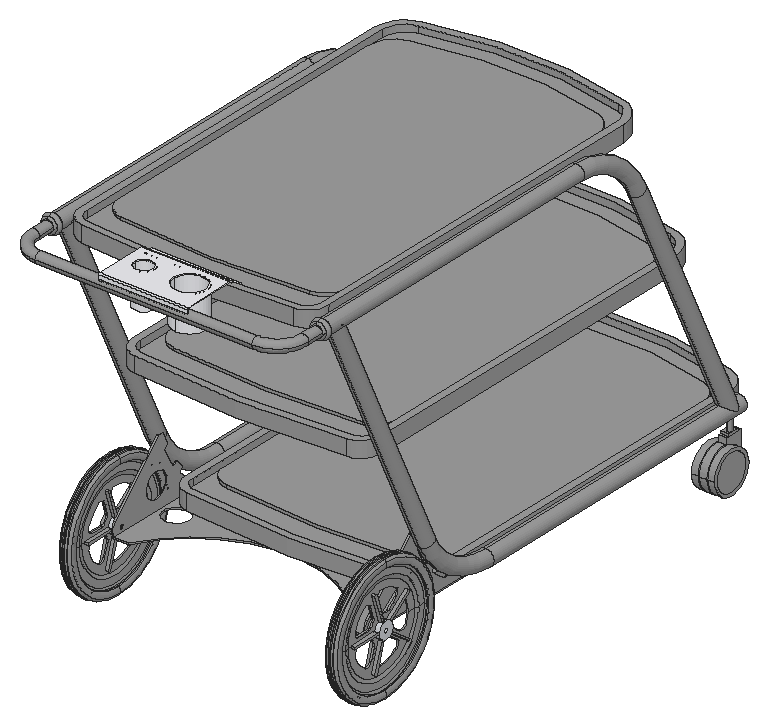
Revit family "Teacher Taxi", category Generic Models, Revit 2012
Parameters
  URL = "http://www.wengercorp.com/Home/Contact.html"
  Trim Material = Trim
  Part Number = "204A001"
  Manufacturer = "Wenger Corporation"
  Description = "Teacher Taxi"
Reference planes (in)
  plane 1 "Center (Front/Back)": y = 0
  plane 2: z = 0
  plane 3 "Center (Left/Right)": x = 0
  plane 4: z = 19.945
  plane 5: z = 33.906
  plane 6: z = 5.375
  plane 7: x = 12.86803
  plane 8: x = -12.86803
Dimensions and locks (in)
  locked: plane 5 to plane 4 at 13.961
  locked: plane 6 to level at 5.375
  locked: plane 4 to plane 6 at 14.57
  equal spacing: plane 8, plane 3 "Center (Left/Right)", plane 7
  plane 8 to plane 7 = 25.73606"
  aligned and locked: plane 2 to level
  aligned and locked: nested 2 to plane 4
  aligned and locked: nested 3 to plane 5
  aligned and locked: plane 7 to nested 4
  aligned and locked: plane 8 to nested 5
  aligned and locked: plane 3 "Center (Left/Right)" to nested 11
  aligned and locked: nested 8 to nested 4
  aligned and locked: nested 7 to plane 8
  aligned and locked: nested 3 to nested 2
  aligned and locked: nested 3 to nested 1
  aligned and locked: nested 6 to nested 3
  aligned and locked: plane 3 "Center (Left/Right)" to nested 1
  aligned and locked: plane 3 "Center (Left/Right)" to nested 3
  aligned and locked: plane 3 "Center (Left/Right)" to nested 2
  aligned and locked: nested 6 to plane 3 "Center (Left/Right)"
  aligned and locked: plane 7 to nested 9
  aligned and locked: plane 8 to nested 10
Nested families (in)
  nested 1: "Taxi Table" at (0, 0, 5.375), type "Taxi Table"
  nested 2: "Taxi Table" at (0, -6.306, 19.945), type "Taxi Table"
  nested 3: "Taxi Table" at (0, -12.612, 33.906), type "Taxi Table"
  nested 4: "Side Pipes" at (12.86803, 17.64003, 5.656), type "Side Pipes"
    with Side Material Side Material
  nested 5: "Side Pipes" at (-12.86803, 17.64003, 5.656) x (-1, 0, 0) z (0, 0, 1), type "Side Pipes"
    with Side Material Side Material
  nested 6: "Wheel Back Support" at (0, -14.1619, 5.22188) x (-1, 0, 0) z (0, 0, 1), type "Wheel Back Support"
  nested 7: "Wheel Back" at (-12.74303, -25.17098, -0.20338), type "Wheel Back"
  nested 8: "Wheel Back" at (12.74303, -25.16461, -0.19511), type "Wheel Back"
  nested 9: "Wheel Front" at (12.86803, 15.38169, -0.21875), type "Wheel Front"
  nested 10: "Wheel Front" at (-12.86803, 15.38169, -0.25), type "Wheel Front"
  nested 11: "Push Bar" at (0, -32.13616, 34.6555), type "Push Bar"
  nested 12: "Cups" at (4.05494, -30.98092, 34.84375) x (-1, 0, 0) z (0, 0, 1), type "Cups"
Definition of nested family "Taxi Table"
  Parameters (values of type "Taxi Table")
    Outside Trim = Default
    Middle Pad Material = Shelf Middle
    Inside Pad Material = Shelf Middle
  Reference planes (in)
    plane 1 "Center (Front/Back)": y = 0
    plane 2: z = 0
    plane 3 "Center (Left/Right)": x = 0
    plane 4: x = 11.913
    plane 5: x = -11.913
    plane 6: x = 11.24378
    plane 7: x = 10.89332
    plane 8: x = -11.24378
    plane 9: x = -10.948
  Forms (in)
    Extrusion 1, solid, material "Default" <- "Outside Trim"
      sketch origin (0, 0, 0) x (1, 0, 0) y (0, 1, 0)
        loop
          arc (9.72327, 20.51208) -> (0, 21.85003) -> (-9.72327, 20.51208) r 36
          arc (-9.72327, 20.51208) -> (-11.30369, 19.43592) -> (-11.913, 17.62358) r 3
          line (-11.913, 17.62358) -> (-11.913, -17.62358)
          arc (-11.913, -17.62358) -> (-11.41026, -18.94955) -> (-10.15478, -19.60891) r 2
          arc (-10.15478, -19.60891) -> (0, -20.22497) -> (10.15478, -19.60891) r 84
          arc (10.15478, -19.60891) -> (11.41026, -18.94955) -> (11.913, -17.62358) r 2
          line (11.913, -17.62358) -> (11.913, 17.62358)
          arc (11.913, 17.62358) -> (11.30369, 19.43592) -> (9.72327, 20.51208) r 3
        loop
          arc (9.54252, 19.86773) -> (0, 21.1808) -> (-9.54252, 19.86773) r 35.33078
          arc (-9.54252, 19.86773) -> (-10.77039, 19.03163) -> (-11.24378, 17.62358) r 2.33078
          line (-11.24378, 17.62358) -> (-11.24378, -17.62358)
          arc (-11.24378, -17.62358) -> (-10.90926, -18.50587) -> (-10.07388, -18.94459) r 1.33078
          arc (-10.07388, -18.94459) -> (0, -19.55575) -> (10.07388, -18.94459) r 83.33078
          arc (10.07388, -18.94459) -> (10.90926, -18.50587) -> (11.24378, -17.62358) r 1.33078
          line (11.24378, -17.62358) -> (11.24378, 17.62358)
          arc (11.24378, 17.62358) -> (10.77039, 19.03163) -> (9.54252, 19.86773) r 2.33078
      from 0 to 1.5
    Extrusion 2, solid, material "Shelf Middle" <- "Middle Pad Material"
      sketch origin (0, 0, 0) x (1, 0, 0) y (0, 1, 0)
        loop
          arc (-9.54252, 19.86773) -> (-10.77039, 19.03163) -> (-11.24378, 17.62358) r 2.33078
          line (-11.24378, 17.62358) -> (-11.24378, -17.62358)
          arc (-11.24378, -17.62358) -> (-10.90926, -18.50587) -> (-10.07388, -18.94459) r 1.33078
          arc (-10.07388, -18.94459) -> (0, -19.55575) -> (10.07388, -18.94459) r 83.33078
          arc (10.07388, -18.94459) -> (10.90926, -18.50587) -> (11.24378, -17.62358) r 1.33078
          line (11.24378, -17.62358) -> (11.24378, 17.62358)
          arc (11.24378, 17.62358) -> (10.77039, 19.03163) -> (9.54252, 19.86773) r 2.33078
          arc (9.54252, 19.86773) -> (0, 21.1808) -> (-9.54252, 19.86773) r 35.33078
        loop
          arc (8.9697, 18.19985) -> (-0.03079, 19.42033) -> (-9.02902, 18.18334) r 33.57032
          arc (-9.02902, 18.18334) -> (-10.41392, 17.2421) -> (-10.948, 15.65507) r 2.625
          line (-10.948, 15.65507) -> (-10.948, -14.17254)
          arc (-10.948, -14.17254) -> (-10.40785, -15.58812) -> (-9.06201, -16.28405) r 2.125
          arc (-9.06201, -16.28405) -> (-0.02826, -16.79529) -> (9.00584, -16.29039) r 80.57032
          arc (9.00584, -16.29039) -> (10.35268, -15.59484) -> (10.89332, -14.17871) r 2.125
          line (10.89332, -14.17871) -> (10.89332, 15.67028)
          arc (10.89332, 15.67028) -> (10.35779, 17.25923) -> (8.9697, 18.19985) r 2.625
      from 0 to 0.88
    Extrusion 3, solid, material "Shelf Middle" <- "Inside Pad Material"
      sketch origin (0, 0, 0) x (1, 0, 0) y (0, 1, 0)
        loop
          line (-10.948, 15.65507) -> (-10.948, -14.17254)
          arc (-10.948, -14.17254) -> (-10.40785, -15.58812) -> (-9.06201, -16.28405) r 2.125
          arc (-9.06201, -16.28405) -> (-0.02826, -16.79529) -> (9.00584, -16.29039) r 80.57032
          arc (9.00584, -16.29039) -> (10.35268, -15.59484) -> (10.89332, -14.17871) r 2.125
          line (10.89332, -14.17871) -> (10.89332, 15.67028)
          arc (10.89332, 15.67028) -> (10.35779, 17.25923) -> (8.9697, 18.19985) r 2.625
          arc (8.9697, 18.19985) -> (-0.03079, 19.42033) -> (-9.02902, 18.18334) r 33.57032
          arc (-9.02902, 18.18334) -> (-10.41392, 17.2421) -> (-10.948, 15.65507) r 2.625
      from 0 to 1.13
  Dimensions and locks (in)
    equal spacing: plane 5, plane 3 "Center (Left/Right)", plane 4
    locked: plane 5 to plane 4 at 23.826
    plane 7 to plane 6 to plane 4 = 0.35046" locked, 0.66922" locked
    plane 5 to plane 8 to plane 9 = 0.66922" locked, 0.29578" locked
    aligned and locked: plane 2 to level
    aligned and locked: plane 5 to Extrusion 1
    aligned and locked: plane 4 to Extrusion 1
    aligned and locked: plane 8 to Extrusion 1
    aligned and locked: plane 9 to Extrusion 3
    aligned and locked: plane 6 to Extrusion 1
    aligned and locked: plane 7 to Extrusion 3
  Automatic sketch dimensions
    Extrusion 1 sketch curve to Extrusion 1 sketch curve = 0.00"  (x17)
    Extrusion 1 sketch curve to plane 5 = 0.00"
    Extrusion 1 sketch curve to plane 3 "Center (Left/Right)" = 0.00"  (x2)
    Extrusion 1 sketch curve to plane 4 = 0.00"
    Extrusion 1 sketch curve to Extrusion 1 sketch curve = 0.66922"
    Extrusion 1 sketch curve to plane 5 = 1.75822"
    Extrusion 1 sketch curve to Extrusion 1 sketch curve = 0.0809"
    Extrusion 1 sketch curve to plane 5 = 2.18973"
    Extrusion 1 sketch curve to Extrusion 1 sketch curve = 0.18075"
    plane 4 to Extrusion 1 sketch curve = 3.00"
    Extrusion 1 sketch curve to Extrusion 1 sketch curve = 0.62952"
    Extrusion 1 sketch curve to Extrusion 1 sketch curve = 1.33078"
    Extrusion 1 sketch curve to Extrusion 1 sketch curve = 0.16088"
    plane 1 "Center (Front/Back)" to Extrusion 1 sketch curve = 19.60891"
    Extrusion 1 sketch curve to Extrusion 1 sketch curve = 3.4736"
    Extrusion 2 sketch curve to Extrusion 2 sketch curve = 0.00"  (x10)
    Extrusion 2 sketch curve to plane 3 "Center (Left/Right)" = 0.00"  (x2)
    Extrusion 2 sketch curve to plane 5 = 3.59"
    Extrusion 2 sketch curve to plane 5 = 3.09"
    Extrusion 2 sketch curve to Extrusion 2 sketch curve = 0.59"
    Extrusion 2 sketch curve to Extrusion 2 sketch curve = 0.11602"
    Extrusion 2 sketch curve to Extrusion 2 sketch curve = 0.23901"
    Extrusion 2 sketch curve to Extrusion 2 sketch curve = 0.51351"
    Extrusion 2 sketch curve to Extrusion 2 sketch curve = 0.85099"
    Extrusion 2 sketch curve to Extrusion 2 sketch curve = 0.16088"  (x2)
    Extrusion 2 sketch curve to plane 5 = 0.965"
    Extrusion 2 sketch curve to plane 5 = 0.66922"
    plane 4 to Extrusion 2 sketch curve = 3.64468"
    plane 4 to Extrusion 2 sketch curve = 3.14468"
    Extrusion 2 sketch curve to Extrusion 2 sketch curve = 0.64468"
    Extrusion 2 sketch curve to Extrusion 2 sketch curve = 0.0567"
    Extrusion 2 sketch curve to Extrusion 2 sketch curve = 0.23752"
    Extrusion 2 sketch curve to Extrusion 2 sketch curve = 0.57283"
    Extrusion 2 sketch curve to Extrusion 2 sketch curve = 1.33078"
    plane 1 "Center (Front/Back)" to Extrusion 2 sketch curve = 18.94459"
    Extrusion 2 sketch curve to Extrusion 2 sketch curve = 0.02873"
    Extrusion 3 sketch curve to plane 3 "Center (Left/Right)" = 0.00"  (x2)
    Extrusion 3 sketch curve to plane 5 = 3.59"
    Extrusion 3 sketch curve to plane 5 = 3.09"
    Extrusion 3 sketch curve to Extrusion 3 sketch curve = 0.70602"
    Extrusion 3 sketch curve to Extrusion 3 sketch curve = 0.00"  (x3)
    Extrusion 3 sketch curve to Extrusion 3 sketch curve = 0.23901"
    Extrusion 3 sketch curve to plane 5 = 0.965"
    plane 4 to Extrusion 3 sketch curve = 3.64468"
    plane 4 to Extrusion 3 sketch curve = 3.14468"
    Extrusion 3 sketch curve to Extrusion 3 sketch curve = 0.70138"
    Extrusion 3 sketch curve to Extrusion 3 sketch curve = 0.23752"
    plane 1 "Center (Front/Back)" to Extrusion 3 sketch curve = 16.29039"
    Extrusion 3 sketch curve to Extrusion 3 sketch curve = 0.02873"
Definition of nested family "Side Pipes"
  Parameters (values of type "Side Pipes")
    Side Material [instance] = Side Material
  Reference planes (in)
    plane 1 "Center (Front/Back)": y = 0
    plane 2: z = 0
    plane 3 "Center (Left/Right)": x = 0
  Forms (in)
    Sweep 1, solid, material "Side Material" <- "Side Material"
      path origin (0, 0, 0) x (0, 1, 0) y (0, 0, 1)
        loop
          line (0, 0.75) -> (30.30544, 0.75)
          arc (30.30544, 0.75) -> (34.60383, 2.00287) -> (37.5559, 5.36905) r 8
          line (37.5559, 5.36905) -> (48.57519, 29)
      profile origin (0, 15.15272, 0.75) x (0, 0, 1) y (1, 0, 0)
        loop
          circle (0, 0) r 0.75
    Sweep 2, solid, material "Side Material" <- "Side Material"
      path origin (0, 0, 0) x (0, 1, 0) y (0, 0, 1)
        loop
          line (49.77619, 29) -> (19.47075, 29)
          arc (19.47075, 29) -> (15.17236, 27.74713) -> (12.22029, 24.38095) r 8
          line (12.22029, 24.38095) -> (1.16737, 0.67788)
      profile origin (0, 34.62347, 29) x (0, 0, -1) y (1, 0, 0)
        loop
          circle (0, 0) r 0.75
  Dimensions and locks (in)
    aligned and locked: plane 2 to level
Definition of nested family "Wheel Back Support"
  Parameters (values of type "Wheel Back Support")
    Wheel Base Support = Base Support
  Reference planes (in)
    plane 1 "Center (Front/Back)": y = 0
    plane 2: z = 0
    plane 3 "Center (Left/Right)": x = 0
    plane 4: x = -12.125
    plane 5: y = 12
    plane 6: x = 12.125
  Forms (in)
    Extrusion 1, solid, material "Base Support" <- "Wheel Base Support"
      sketch origin (0, 0, 0) x (1, 0, 0) y (0, 1, 0)
        loop
          line (-12.125, 0) -> (12.125, 0) -> (12.125, 12) -> (10.515, 12)
          arc (10.515, 12) -> (0, 5.691) -> (-10.515, 12) r 11.917
          line (-10.515, 12) -> (-12.125, 12) -> (-12.125, 0)
        loop
          circle (-10.344, 6.5) r 1.25
        loop
          circle (10.344, 6.5) r 1.25
        loop
          circle (0, 1.625) r 0.75
      from 0 to 0.13
    Extrusion 2, solid, material "Base Support" <- "Wheel Base Support"
      sketch origin (-12.125, 22.32783, 48) x (0, 1, 0) y (0, 0, 1)
        loop
          line (-10.62072, -46.72139) -> (-15.762, -41.58011)
          arc (-15.762, -41.58011) -> (-15.80255, -41.55302) -> (-15.85039, -41.5435) r 0.125
          line (-15.85039, -41.5435) -> (-16.26343, -41.5435) -> (-16.75323, -42.59388)
          arc (-16.75323, -42.59388) -> (-16.76305, -42.66842) -> (-16.72833, -42.7351) r 0.125
          line (-16.72833, -42.7351) -> (-16.4764, -42.98704)
          arc (-16.4764, -42.98704) -> (-16.44168, -43.05372) -> (-16.45149, -43.12824) r 0.125
          line (-16.45149, -43.12824) -> (-16.57595, -43.39519)
          arc (-16.57595, -43.39519) -> (-17.00004, -44.19151) -> (-17.50614, -44.9384) r 8.5
          arc (-17.50614, -44.9384) -> (-17.59721, -44.98759) -> (-17.69414, -44.95127) r 0.125
          line (-17.69414, -44.95127) -> (-17.85034, -44.79508)
          arc (-17.85034, -44.79508) -> (-17.94559, -44.75865) -> (-18.03628, -44.80531) r 0.125
          arc (-18.03628, -44.80531) -> (-18.27428, -45.08871) -> (-18.52514, -45.3608) r 8
          arc (-18.52514, -45.3608) -> (-18.56022, -45.44872) -> (-18.52361, -45.53602) r 0.125
          line (-18.52361, -45.53602) -> (-18.34645, -45.71318)
          arc (-18.34645, -45.71318) -> (-18.30984, -45.80237) -> (-18.3476, -45.89109) r 0.125
          arc (-18.3476, -45.89109) -> (-19.12423, -46.56145) -> (-19.97597, -47.13336) r 8.5
          arc (-19.97597, -47.13336) -> (-20.05513, -47.14956) -> (-20.12765, -47.11396) r 0.125
          line (-20.12765, -47.11396) -> (-20.36104, -46.88056)
          arc (-20.36104, -46.88056) -> (-20.43109, -46.8453) -> (-20.50836, -46.85871) r 0.125
          arc (-20.50836, -46.85871) -> (-21.35182, -47.24842) -> (-22.23478, -47.5377) r 8
          arc (-22.23478, -47.5377) -> (-22.30187, -47.58228) -> (-22.32783, -47.65854) r 0.125
          line (-22.32783, -47.65854) -> (-22.32783, -47.87) -> (-10.43057, -47.87)
          arc (-10.43057, -47.87) -> (-10.34125, -47.26517) -> (-10.62072, -46.72139) r 1
        loop
          circle (-11.32783, -47.4285) r 0.2525
        loop
          circle (-15.48528, -45.70642) r 1.25
      from 0 to 0.13
    Extrusion 3, solid, material "Base Support" <- "Wheel Base Support"
      sketch origin (12.125, -10.75, 48) x (0, -1, 0) y (0, 0, 1)
        loop
          arc (-22.45711, -46.72139) -> (-22.73657, -47.26517) -> (-22.64726, -47.87) r 1
          line (-22.64726, -47.87) -> (-10.75, -47.87) -> (-10.75, -47.65854)
          arc (-10.75, -47.65854) -> (-10.77596, -47.58228) -> (-10.84305, -47.5377) r 0.125
          arc (-10.84305, -47.5377) -> (-11.726, -47.24842) -> (-12.56947, -46.85871) r 8
          arc (-12.56947, -46.85871) -> (-12.64673, -46.8453) -> (-12.71678, -46.88056) r 0.125
          line (-12.71678, -46.88056) -> (-12.95017, -47.11396)
          arc (-12.95017, -47.11396) -> (-13.0227, -47.14956) -> (-13.10185, -47.13336) r 0.125
          arc (-13.10185, -47.13336) -> (-13.95359, -46.56145) -> (-14.73022, -45.89109) r 8.5
          arc (-14.73022, -45.89109) -> (-14.76798, -45.80237) -> (-14.73137, -45.71318) r 0.125
          line (-14.73137, -45.71318) -> (-14.55422, -45.53602)
          arc (-14.55422, -45.53602) -> (-14.51761, -45.44872) -> (-14.55269, -45.3608) r 0.125
          arc (-14.55269, -45.3608) -> (-14.80354, -45.08871) -> (-15.04155, -44.80531) r 8
          arc (-15.04155, -44.80531) -> (-15.13223, -44.75865) -> (-15.22749, -44.79508) r 0.125
          line (-15.22749, -44.79508) -> (-15.38369, -44.95127)
          arc (-15.38369, -44.95127) -> (-15.48061, -44.98759) -> (-15.57169, -44.9384) r 0.125
          arc (-15.57169, -44.9384) -> (-16.07779, -44.19151) -> (-16.50188, -43.39519) r 8.5
          line (-16.50188, -43.39519) -> (-16.62633, -43.12824)
          arc (-16.62633, -43.12824) -> (-16.63614, -43.05372) -> (-16.60143, -42.98704) r 0.125
          line (-16.60143, -42.98704) -> (-16.34949, -42.7351)
          arc (-16.34949, -42.7351) -> (-16.31478, -42.66842) -> (-16.32459, -42.59388) r 0.125
          line (-16.32459, -42.59388) -> (-16.81439, -41.5435) -> (-17.22744, -41.5435)
          arc (-17.22744, -41.5435) -> (-17.27527, -41.55302) -> (-17.31583, -41.58011) r 0.125
          line (-17.31583, -41.58011) -> (-22.45711, -46.72139)
        loop
          circle (-21.75, -47.4285) r 0.2525
        loop
          circle (-17.59254, -45.70642) r 1.25
      from 0 to 0.13
  Dimensions and locks (in)
    plane 4 to plane 3 "Center (Left/Right)" = 12.125"
    plane 1 "Center (Front/Back)" to plane 5 = 12.00"
    aligned and locked: plane 2 to level
Definition of nested family "Wheel Back"
  Parameters (values of type "Wheel Back")
    Wheele Material = Wheel Rubber
    Rim Material = Default
  Reference planes (in)
    plane 1 "Center (Front/Back)": y = 0
    plane 2: z = 0
    plane 3 "Center (Left/Right)": x = 0
    plane 4: z = 6
  Forms (in)
    Revolve 1, solid, material "Wheel Rubber" <- "Wheele Material"
      sketch origin (0, 0, 0) x (1, 0, 0) y (0, 0, 1)
        loop
          arc (0.375, 0.01173) -> (0.4932, 0.09077) -> (0.57224, 0.20897) r 0.36511
          arc (0.57224, 0.20897) -> (0.58888, 0.5002) -> (0.5, 0.77804) r 0.8
          line (0.5, 0.77804) -> (0.0772, 0.77804) -> (0.0772, 1.21492) -> (-0.0772, 1.20586) -> (-0.0772, 0.77804) -> (-0.38352, 0.77804) -> (-0.5, 0.77804)
          arc (-0.5, 0.77804) -> (-0.58888, 0.5002) -> (-0.57224, 0.20897) r 0.8
          arc (-0.57224, 0.20897) -> (-0.4932, 0.09077) -> (-0.375, 0.01173) r 0.36511
          line (-0.375, 0.01173) -> (-0.375, 0.125) -> (-0.28419, 0.14933) -> (-0.28419, -0.00426)
          arc (-0.28419, -0.00426) -> (-0.20478, -0.01457) -> (-0.125, -0.02152) r 1.90061
          line (-0.125, -0.02152) -> (-0.125, 0.125) -> (-0.03419, 0.14933) -> (-0.03419, -0.02532)
          arc (-0.03419, -0.02532) -> (0, -0.02563) -> (0.03419, -0.02532) r 1.90061
          line (0.03419, -0.02532) -> (0.03419, 0.14933) -> (0.125, 0.125) -> (0.125, -0.02152)
          arc (0.125, -0.02152) -> (0.20478, -0.01457) -> (0.28419, -0.00426) r 1.90061
          line (0.28419, -0.00426) -> (0.28419, 0.14933) -> (0.375, 0.125) -> (0.375, 0.01173)
        axis (-0.57224, 6) -> (0.57224, 6)
      angle from 0 to 360
    Revolve 2, solid, material "Default" <- "Rim Material"
      sketch origin (0, -6.02532, 6) x (0, -1, 0) y (1, 0, 0)
        loop
          line (-10.00817, -0.0772) -> (-6.27532, -0.0772) -> (-6.27532, 0.0772) -> (-10.00817, 0.0772) -> (-10.37388, 0.19869) -> (-11.01237, 0.19869) -> (-11.24729, 0.28419) -> (-11.45184, 0.28419) -> (-11.45184, -0.28419) -> (-11.24729, -0.28419) -> (-11.01237, -0.19869) -> (-10.37388, -0.19869) -> (-10.00817, -0.0772)
        axis (-6.02532, -0.28419) -> (-6.02532, 0.28419)
      angle from 0 to 360
    Extrusion 3, void
      sketch origin (0, 0, 0) x (0, 1, 0) y (0, 0, 1)
        loop
          arc (-2.0378, 8.59565) -> (-2.70051, 7.89663) -> (-3.13315, 7.03603) r 3.3
          arc (-3.13315, 7.03603) -> (-3.05682, 6.54167) -> (-2.61142, 6.314) r 0.54951
          line (-2.61142, 6.314) -> (-1.40791, 6.314)
          arc (-1.40791, 6.314) -> (-1.23499, 6.35625) -> (-1.10104, 6.47347) r 0.375
          line (-1.10104, 6.47347) -> (-0.81902, 6.87503)
          arc (-0.81902, 6.87503) -> (-0.75421, 7.04081) -> (-0.77315, 7.21781) r 0.375
          line (-0.77315, 7.21781) -> (-1.18156, 8.3499)
          arc (-1.18156, 8.3499) -> (-1.54687, 8.69161) -> (-2.0378, 8.59565) r 0.54951
        loop
          arc (0.01713, 9.29996) -> (-0.42945, 9.0746) -> (-0.50834, 8.58064) r 0.54951
          line (-0.50834, 8.58064) -> (-0.13644, 7.43604)
          arc (-0.13644, 7.43604) -> (-0.04282, 7.28464) -> (0.11006, 7.19346) r 0.375
          line (0.11006, 7.19346) -> (0.57911, 7.04933)
          arc (0.57911, 7.04933) -> (0.75681, 7.03892) -> (0.91929, 7.11163) r 0.375
          line (0.91929, 7.11163) -> (1.86977, 7.84989)
          arc (1.86977, 7.84989) -> (2.08186, 8.30292) -> (1.83889, 8.74016) r 0.54951
          arc (1.83889, 8.74016) -> (0.9693, 9.15443) -> (0.01713, 9.29996) r 3.3
        loop
          line (2.29725, 7.28092) -> (1.32359, 6.57352)
          arc (1.32359, 6.57352) -> (1.20853, 6.4377) -> (1.16906, 6.26413) r 0.375
          line (1.16906, 6.26413) -> (1.17693, 5.7735)
          arc (1.17693, 5.7735) -> (1.22194, 5.60128) -> (1.3413, 5.46922) r 0.375
          line (1.3413, 5.46922) -> (2.33714, 4.79339)
          arc (2.33714, 4.79339) -> (2.83353, 4.73167) -> (3.1743, 5.09787) r 0.54951
          arc (3.1743, 5.09787) -> (3.29958, 6.05291) -> (3.14374, 7.00345) r 3.3
          arc (3.14374, 7.00345) -> (2.79141, 7.35853) -> (2.29725, 7.28092) r 0.54951
        loop
          line (0.61246, 4.96978) -> (0.14827, 4.81068)
          arc (0.14827, 4.81068) -> (-0.00161, 4.71465) -> (-0.09032, 4.56033) r 0.375
          line (-0.09032, 4.56033) -> (-0.42533, 3.40439)
          arc (-0.42533, 3.40439) -> (-0.33064, 2.91321) -> (0.12293, 2.70229) r 0.54951
          arc (0.12293, 2.70229) -> (1.06995, 2.87827) -> (1.92581, 3.32021) r 3.3
          arc (1.92581, 3.32021) -> (2.15463, 3.76502) -> (1.92812, 4.21101) r 0.54951
          line (1.92812, 4.21101) -> (0.95446, 4.91842)
          arc (0.95446, 4.91842) -> (0.78973, 4.98588) -> (0.61246, 4.96978) r 0.375
        loop
          arc (-0.7337, 4.75803) -> (-0.72045, 4.93554) -> (-0.79054, 5.09916) r 0.375
          line (-0.79054, 5.09916) -> (-1.08529, 5.49147)
          arc (-1.08529, 5.49147) -> (-1.22294, 5.60434) -> (-1.39712, 5.64102) r 0.375
          line (-1.39712, 5.64102) -> (-2.60001, 5.60243)
          arc (-2.60001, 5.60243) -> (-3.03788, 5.36059) -> (-3.09832, 4.86404) r 0.54951
          arc (-3.09832, 4.86404) -> (-2.63831, 4.01775) -> (-1.95352, 3.34035) r 3.3
          arc (-1.95352, 3.34035) -> (-1.45977, 3.26017) -> (-1.10561, 3.61342) r 0.54951
          line (-1.10561, 3.61342) -> (-0.7337, 4.75803)
      from -0.57224 to 0.57224
    Extrusion 4, solid, material "Default" <- "Rim Material"
      sketch origin (0, 0, 0) x (0, 1, 0) y (0, 0, 1)
        loop
          arc (-0.33428, 6.72461) -> (-0.2466, 6.75894) -> (-0.15548, 6.78271) r 0.798
          line (-0.15548, 6.78271) -> (-1.03041, 9.47547)
          arc (-1.03041, 9.47547) -> (-1.12019, 9.44758) -> (-1.20921, 9.41737) r 3.625
          line (-1.20921, 9.41737) -> (-0.33428, 6.72461)
        loop
          arc (2.87645, 3.79395) -> (2.93269, 3.86928) -> (2.98695, 3.94604) r 3.625
          line (2.98695, 3.94604) -> (0.69635, 5.61026)
          arc (0.69635, 5.61026) -> (0.6456, 5.53095) -> (0.58585, 5.45817) r 0.798
          line (0.58585, 5.45817) -> (2.87645, 3.79395)
        loop
          arc (2.98695, 8.05396) -> (2.93269, 8.13072) -> (2.87645, 8.20605) r 3.625
          line (2.87645, 8.20605) -> (0.58585, 6.54183)
          arc (0.58585, 6.54183) -> (0.6456, 6.46905) -> (0.69635, 6.38974) r 0.798
          line (0.69635, 6.38974) -> (2.98695, 8.05396)
        loop
          line (-0.33428, 5.27539) -> (-1.20921, 2.58263)
          arc (-1.20921, 2.58263) -> (-1.12019, 2.55242) -> (-1.03041, 2.52453) r 3.625
          line (-1.03041, 2.52453) -> (-0.15548, 5.21729)
          arc (-0.15548, 5.21729) -> (-0.2466, 5.24106) -> (-0.33428, 5.27539) r 0.798
        loop
          line (-3.62378, 5.906) -> (-0.79244, 5.906)
          arc (-0.79244, 5.906) -> (-0.798, 6) -> (-0.79244, 6.094) r 0.798
          line (-0.79244, 6.094) -> (-3.62378, 6.094)
          arc (-3.62378, 6.094) -> (-3.625, 6) -> (-3.62378, 5.906) r 3.625
      from -0.5 to 0.5
    Extrusion 5, solid, material "Default" <- "Rim Material"
      sketch origin (0, 0, 0) x (0, 1, 0) y (0, 0, 1)
        loop
          circle (0, 6) r 0.798
        loop
          circle (0, 6) r 0.25
      from -0.59671 to -0.0772
    Extrusion 6, solid
      sketch origin (0, -5.70794, 7.85487) x (0, 0.309017, 0.951057) y (0, -0.951057, 0.309017)
        loop
          circle (0, -6) r 0.798
        loop
          circle (0, -6) r 0.25
      from 0.59627 to -0.0772
  Cuts and joins
    Extrusion 3 cuts Revolve 2
    joined: Revolve 2, Extrusion 4
  Dimensions and locks (in)
    aligned and locked: plane 2 to level
Definition of nested family "Wheel Front"
  Parameters (values of type "Wheel Front")
    Front Wheel Tread = Front Wheel Tread
    Front Wheel Support = Front Wheel Support
    Front Wheel Material = Front Wheel Support
  Reference planes (in)
    plane 1 "Center (Front/Back)": y = 0
    plane 2: z = 0
    plane 3 "Center (Left/Right)": x = 0
  Forms (in)
    Extrusion 1, solid, material "Front Wheel Support" <- "Front Wheel Material"
      sketch origin (0, 0, 0) x (0, 1, 0) y (0, 0, 1)
        loop
          circle (0, 2) r 1.75
      from 0.4375 to 1.1
    Extrusion 2, solid, material "Front Wheel Tread" <- "Front Wheel Tread"
      sketch origin (0, 0, 0) x (0, 1, 0) y (0, 0, 1)
        loop
          circle (0, 2) r 2
        loop
          circle (0, 2) r 1.75
      from 0.4375 to 1.1
    Extrusion 3, solid, material "Front Wheel Support" <- "Front Wheel Material"
      sketch origin (0, 0, 0) x (0, -1, 0) y (0, 0, -1)
        loop
          circle (0, -2) r 1.75
      from -1.1 to -0.4375
    Extrusion 4, solid, material "Front Wheel Tread" <- "Front Wheel Tread"
      sketch origin (0, 0, 0) x (0, -1, 0) y (0, 0, -1)
        loop
          circle (0, -2) r 2
        loop
          circle (0, -2) r 1.75
      from -1.1 to -0.4375
    Extrusion 5, solid, material "Front Wheel Tread" <- "Front Wheel Tread"
      sketch origin (0, 0, 0) x (0, 1, 0) y (0, 0, 1)
        loop
          circle (0, 2) r 2
      from -0.375 to 0.375
    Extrusion 6, solid, material "Front Wheel Support" <- "Front Wheel Support"
      sketch origin (0, 0, 0) x (0, 1, 0) y (0, 0, 1)
        loop
          line (-0.284, 3.97973) -> (-0.284, 4.5625) -> (-2, 4.5625) -> (-2, 2)
          arc (-2, 2) -> (-1.51129, 3.30996) -> (-0.284, 3.97973) r 2
      from -0.375 to 0.375
    Extrusion 7, solid, material "Front Wheel Support" <- "Front Wheel Support"
      sketch origin (0, 0, 0) x (0, 1, 0) y (0, 0, 1)
        loop
          line (-0.5964, 4.5625) -> (-0.5964, 4.75) -> (-1.6876, 4.75) -> (-1.6876, 4.5625) -> (-0.5964, 4.5625)
      from -0.375 to 0.375
    Revolve 8, solid, material "Front Wheel Support" <- "Front Wheel Support"
      sketch origin (0, 0, 0) x (0, 1, 0) y (0, 0, 1)
        loop
          line (-0.906, 6.25) -> (-1.142, 6.25) -> (-1.142, 4.75) -> (-0.906, 4.75) -> (-0.906, 6.25)
        axis (-1.142, 6.25) -> (-1.142, 4.75)
      angle from 0 to 360
  Dimensions and locks (in)
    aligned and locked: plane 2 to level
Definition of nested family "Push Bar"
  Parameters (values of type "Push Bar")
    Rubber Middle = Black Rubber
    Cart Handle Material = Cart Handle
  Reference planes (in)
    plane 1 "Center (Front/Back)": y = 0
    plane 2: z = 0
    plane 3 "Center (Left/Right)": x = 0
    plane 4: x = 12.875
    plane 5: x = -12.875
  Forms (in)
    Sweep 1, solid, material "Cart Handle" <- "Cart Handle Material"
      path origin (0, 0, 0) x (1, 0, 0) y (0, 1, 0)
        loop
          line (-12.875, 0) -> (-12.875, -2.38)
          arc (-12.875, -2.38) -> (-12.14277, -4.14777) -> (-10.375, -4.88) r 2.5
          line (-10.375, -4.88) -> (10.375, -4.88)
          arc (10.375, -4.88) -> (12.14277, -4.14777) -> (12.875, -2.38) r 2.5
          line (12.875, -2.38) -> (12.875, 0)
      profile origin (-12.875, -1.19, 0) x (1, 0, 0) y (0, 0, 1)
        loop
          circle (0, 0) r 0.5
    Revolve 2, solid, material "Black Rubber" <- "Rubber Middle"
      sketch origin (12.875, 0, 48) x (0, 1, 0) y (0, 0, 1)
        loop
          line (-0.75, -48) -> (0, -48) -> (0, -47.35937)
          arc (0, -47.35937) -> (-0.25, -47.10937) -> (-0.5, -47.35937) r 0.25
          line (-0.5, -47.35937) -> (-0.5, -47.3964)
          arc (-0.5, -47.3964) -> (-0.625, -47.2714) -> (-0.75, -47.3964) r 0.125
          line (-0.75, -47.3964) -> (-0.75, -48)
        axis (-0.75, -48) -> (0, -48)
      angle from 0 to 360
    Revolve 3, solid, material "Black Rubber" <- "Rubber Middle"
      sketch origin (-12.875, 0, 48) x (0, 1, 0) y (0, 0, 1)
        loop
          line (-0.75, -48) -> (0, -48) -> (0, -47.35937)
          arc (0, -47.35937) -> (-0.25, -47.10937) -> (-0.5, -47.35937) r 0.25
          line (-0.5, -47.35937) -> (-0.5, -47.3964)
          arc (-0.5, -47.3964) -> (-0.625, -47.2714) -> (-0.75, -47.3964) r 0.125
          line (-0.75, -47.3964) -> (-0.75, -48)
        axis (-0.75, -48) -> (0, -48)
      angle from 0 to 360
  Dimensions and locks (in)
    aligned and locked: plane 2 to level
Definition of nested family "Cups"
  Parameters (values of type "Cups")
    Cup Holder Materal = Plastic Cup Material
  Reference planes (in)
    plane 1 "Center (Front/Back)": y = 0
    plane 2: z = 0
    plane 3 "Center (Left/Right)": x = 0
    plane 4: z = -2.729
    plane 5: z = 0.621
    plane 6: x = 8.5
    plane 7: x = 4.25
  Forms (in)
    Extrusion 1, solid, material "Plastic Cup Material" <- "Cup Holder Materal"
      sketch origin (0, 0, 0) x (0, 1, 0) y (0, 0, 1)
        loop
          line (0, -0.004) -> (0.82782, -0.004)
          arc (0.82782, -0.004) -> (0.90786, 0.02317) -> (0.95483, 0.09345) r 0.13148
          line (0.95483, 0.09345) -> (1.08476, 0.57839)
          arc (1.08476, 0.57839) -> (1.1053, 0.60912) -> (1.14029, 0.621) r 0.05749
          line (1.14029, 0.621) -> (6.22326, 0.621)
          arc (6.22326, 0.621) -> (6.26338, 0.60438) -> (6.28, 0.56426) r 0.05674
          line (6.28, 0.56426) -> (6.28, 0.13147)
          arc (6.28, 0.13147) -> (6.262, 0.088) -> (6.21853, 0.07) r 0.06147
          line (6.21853, 0.07) -> (5.975, 0.07) -> (5.975, 0) -> (6.23, 0)
          arc (6.23, 0) -> (6.31485, 0.03515) -> (6.35, 0.12) r 0.12
          line (6.35, 0.12) -> (6.35, 0.571)
          arc (6.35, 0.571) -> (6.31485, 0.65585) -> (6.23, 0.691) r 0.12
          line (6.23, 0.691) -> (1.14029, 0.691)
          arc (1.14029, 0.691) -> (1.06268, 0.66466) -> (1.01715, 0.59651) r 0.12749
          line (1.01715, 0.59651) -> (0.88721, 0.11157)
          arc (0.88721, 0.11157) -> (0.86525, 0.07871) -> (0.82782, 0.066) r 0.06148
          line (0.82782, 0.066) -> (0, 0.066) -> (0, -0.004)
      from 0 to 8.5
    Extrusion 2, solid, material "Plastic Cup Material" <- "Cup Holder Materal"
      sketch origin (0, -3.62254, -2.729) x (0, -1, 0) y (1, 0, 0)
        loop
          circle (-6.92254, 2.23099) r 1.60954
      from 0 to 3.35
    Extrusion 3, solid, material "Plastic Cup Material" <- "Cup Holder Materal"
      sketch origin (0, -3.62254, -2.729) x (0, -1, 0) y (1, 0, 0)
        loop
          circle (-6.92254, 6.625) r 1
      from 0 to 3.35
    Extrusion 4, void
      sketch origin (0, 0.125, 0) x (1, 0, 0) y (0, 1, 0)
        loop
          circle (2.23099, 3.175) r 1.5
      from -2.62113 to 0.691
    Extrusion 5, void
      sketch origin (0, 0.125, 0) x (1, 0, 0) y (0, 1, 0)
        loop
          circle (6.625, 3.175) r 0.88545
      from -2.62113 to 0.691
  Cuts and joins
    Extrusion 4, Extrusion 5 cuts Extrusion 1
    Extrusion 4 cuts Extrusion 2
    Extrusion 5 cuts Extrusion 3
  Dimensions and locks (in)
    locked: plane 5 to level at 0.621
    plane 5 to plane 4 = 3.35"
    locked: plane 3 "Center (Left/Right)" to plane 6 at 8.5
    equal spacing: plane 3 "Center (Left/Right)", plane 7, plane 6
    aligned and locked: plane 2 to level
    aligned and locked: plane 6 to cut or joined group of Extrusion 1, Extrusion 4, Extrusion 5
  Automatic sketch dimensions
    Extrusion 1 sketch curve to Extrusion 1 sketch curve = 0.00"  (x4)
    Extrusion 1 sketch curve to plane 1 "Center (Front/Back)" = 0.00"
    Extrusion 1 sketch curve to plane 5 = 0.00"
    Extrusion 1 sketch curve to level = 0.00"
    Extrusion 1 sketch curve to level = 0.004"
    Extrusion 1 sketch curve to Extrusion 1 sketch curve = 0.82782"
    Extrusion 1 sketch curve to Extrusion 1 sketch curve = 0.05939"
    level to Extrusion 1 sketch curve = 0.09345"
    Extrusion 1 sketch curve to Extrusion 1 sketch curve = 0.06761"  (x2)
    Extrusion 1 sketch curve to plane 5 = 0.02449"
    Extrusion 1 sketch curve to Extrusion 1 sketch curve = 0.12994"
    Extrusion 1 sketch curve to Extrusion 1 sketch curve = 0.05553"
    level to Extrusion 1 sketch curve = 0.07"
    Extrusion 1 sketch curve to Extrusion 1 sketch curve = 4.83471"
    Extrusion 1 sketch curve to Extrusion 1 sketch curve = 0.24353"
    Extrusion 1 sketch curve to Extrusion 1 sketch curve = 0.00473"
    Extrusion 1 sketch curve to Extrusion 1 sketch curve = 0.00674"
    Extrusion 1 sketch curve to Extrusion 1 sketch curve = 0.01147"
    Extrusion 1 sketch curve to Extrusion 1 sketch curve = 0.05"
    Extrusion 1 sketch curve to Extrusion 1 sketch curve = 0.07"
    Extrusion 1 sketch curve to Extrusion 1 sketch curve = 0.06148"
    Extrusion 1 sketch curve to Extrusion 1 sketch curve = 0.05749"
    Extrusion 2 sketch curve to plane 1 "Center (Front/Back)" = 3.30"
    plane 7 to Extrusion 2 sketch curve = 2.01901"
    Extrusion 3 sketch curve to plane 1 "Center (Front/Back)" = 3.30"
    plane 6 to Extrusion 3 sketch curve = 1.875"
    plane 7 to Extrusion 4 sketch curve = 2.01901"
    Extrusion 4 sketch curve to plane 1 "Center (Front/Back)" = 3.30"
    plane 6 to Extrusion 5 sketch curve = 1.875"
    Extrusion 5 sketch curve to plane 1 "Center (Front/Back)" = 3.30"
    radius of Extrusion 2 sketch curve = 1.60954"
    radius of Extrusion 3 sketch curve = 1.00"
    radius of Extrusion 4 sketch curve = 1.50"
    radius of Extrusion 5 sketch curve = 0.88545"
